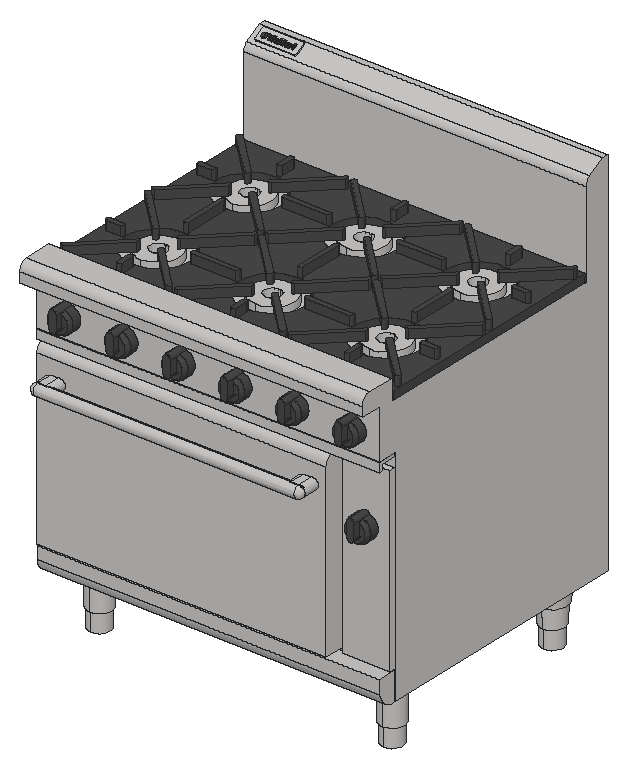
Revit family "QF_MOFFAT WALDORF_RN8610G", category Specialty Equipment, Revit 2012 (continued)
Lines and regions (mm)
  symbolic lines
    curve 153: line (149.551, -435.668, 0) -> (149.551, -350.668, 0)
    curve 154: line (449.551, -435.668, 0) -> (449.551, -350.668, 0)
    curve 155: line (749.551, -435.668, 0) -> (749.551, -350.668, 0)
    curve 159: line (150.008, -98.743, 0) -> (149.965, -143.743, 0)
    curve 160: line (450.008, -98.743, 0) -> (449.965, -143.743, 0)
    curve 161: line (750.008, -98.743, 0) -> (749.965, -143.743, 0)
    curve 162: line (150.008, -628.777, 0) -> (149.965, -673.777, 0)
    curve 163: line (450.008, -628.777, 0) -> (449.965, -673.777, 0)
    curve 164: line (750.008, -628.777, 0) -> (749.965, -673.777, 0)
    curve 165: arc (150, -152.5, 0) -> (235, -237.5, 0) -> (150, -322.5, 0) r 85
    curve 166: arc (150, -322.5, 0) -> (65, -237.5, 0) -> (150, -152.5, 0) r 85
    curve 167: arc (450, -322.5, 0) -> (365, -237.5, 0) -> (450, -152.5, 0) r 85
    curve 168: arc (450, -152.5, 0) -> (535, -237.5, 0) -> (450, -322.5, 0) r 85
    curve 169: arc (150, -452.768, 0) -> (235, -537.768, 0) -> (150, -622.768, 0) r 85
    curve 170: arc (150, -622.768, 0) -> (65, -537.768, 0) -> (150, -452.768, 0) r 85
    curve 171: arc (450, -622.768, 0) -> (365, -537.768, 0) -> (450, -452.768, 0) r 85
    curve 172: arc (450, -452.768, 0) -> (535, -537.768, 0) -> (450, -622.768, 0) r 85
    curve 173: arc (750, -152.5, 0) -> (835, -237.5, 0) -> (750, -322.5, 0) r 85
    curve 174: arc (750, -322.5, 0) -> (665, -237.5, 0) -> (750, -152.5, 0) r 85
    curve 175: arc (750, -452.768, 0) -> (835, -537.768, 0) -> (750, -622.768, 0) r 85
    curve 176: arc (750, -622.768, 0) -> (665, -537.768, 0) -> (750, -452.768, 0) r 85
    curve 177: arc (22.59, -805, 0) -> (33.758, -815.655, 0) -> (48.57, -820, 0) r 32.698
    curve 178: line (48.57, -820, 0) -> (721.475, -820, 0)
    curve 179: arc (721.475, -820, 0) -> (736.475, -815.981, 0) -> (747.456, -805, 0) r 30
    curve 180: line (300.076, -72.734, 0) -> (300.076, -705.7, 0)
    curve 181: line (600.076, -72.734, 0) -> (600.076, -705.7, 0)
    curve 182: line (0, -386.902, 0) -> (900, -386.902, 0)
    curve 183: arc (150, -215.5, 0) -> (172, -237.5, 0) -> (150, -259.5, 0) r 22
    curve 184: arc (150, -259.5, 0) -> (128, -237.5, 0) -> (150, -215.5, 0) r 22
    curve 185: arc (450, -259.5, 0) -> (428, -237.5, 0) -> (450, -215.5, 0) r 22
    curve 186: arc (450, -215.5, 0) -> (472, -237.5, 0) -> (450, -259.5, 0) r 22
    curve 187: arc (750, -259.5, 0) -> (728, -237.5, 0) -> (750, -215.5, 0) r 22
    curve 188: arc (750, -215.5, 0) -> (772, -237.5, 0) -> (750, -259.5, 0) r 22
    curve 189: arc (750, -559.5, 0) -> (728, -537.5, 0) -> (750, -515.5, 0) r 22
    curve 190: arc (750, -515.5, 0) -> (772, -537.5, 0) -> (750, -559.5, 0) r 22
    curve 191: arc (450, -515.5, 0) -> (472, -537.5, 0) -> (450, -559.5, 0) r 22
    curve 192: arc (450, -559.5, 0) -> (428, -537.5, 0) -> (450, -515.5, 0) r 22
    curve 193: arc (150, -515.5, 0) -> (172, -537.5, 0) -> (150, -559.5, 0) r 22
    curve 194: arc (150, -559.5, 0) -> (128, -537.5, 0) -> (150, -515.5, 0) r 22
  symbolic lines, style "QF_Door-Drawer Clearances", visible <- "Show Clearance"
    curve 156: line (0, -1218.847, 0) -> (0, -805, 0)
    curve 157: line (0, -1218.847, 0) -> (760, -1218.847, 0)
    curve 158: line (760, -1218.847, 0) -> (760, -805, 0)
Dimensions and locks
  equal spacing: plane 3 "LEFT", plane 7 "Center Y", plane 4 "RIGHT"
  "Width": plane 3 "LEFT" to plane 4 "RIGHT"
  equal spacing: plane 5 "FRONT", plane 8 "Center X", plane 1 "BACK"
  plane 5 "FRONT" to plane 1 "BACK" = 805 mm  (x2)
  equal spacing: plane 4 "RIGHT", plane 7 "Center Y", plane 3 "LEFT"
  plane 4 "RIGHT" to plane 3 "LEFT" = 900 mm
  "Height": plane 6 "TOP" to level
  plane 10 to plane 1 "BACK" = 574.272 mm
  plane 12 to plane 1 "BACK" = 304.972 mm  (x2)
  plane 11 to plane 3 "LEFT" = 60 mm
  plane 14 to plane 3 "LEFT" = 74 mm
  plane 9 to plane 3 "LEFT" = 280 mm
  "Depth": plane 1 "BACK" to plane 15
  plane 15 to plane 5 "FRONT" = 0 mm
  plane 6 "TOP" to plane 2 = 1130 mm
  locked: plane 2 to Extrusion 1 sketch curve at 861.8
  locked: plane 2 to Extrusion 1 sketch curve at 915
  Extrusion 9 sketch curve to plane 19 = 64.8 mm
  aligned and locked: level to plane 2
  aligned and locked: curve 3 to plane 4 "RIGHT"
Automatic sketch dimensions
  Extrusion 1 sketch curve to plane 5 "FRONT" = 0 mm
  Extrusion 1 sketch curve to plane 6 "TOP" = 0 mm
  Extrusion 1 sketch curve to plane 1 "BACK" = 0 mm
  Extrusion 1 sketch curve to plane 5 "FRONT" = 24 mm
  Extrusion 1 sketch curve to plane 5 "FRONT" = 56 mm
  Extrusion 1 sketch curve to Extrusion 1 sketch curve = 0 mm
  Extrusion 1 sketch curve to plane 5 "FRONT" = 58.27 mm
  Extrusion 1 sketch curve to Extrusion 1 sketch curve = 6.387 mm
  Extrusion 1 sketch curve to Extrusion 1 sketch curve = 8.776 mm
  Extrusion 1 sketch curve to Extrusion 1 sketch curve = 40 mm
  Extrusion 1 sketch curve to Extrusion 1 sketch curve = 43.174 mm
  Extrusion 1 sketch curve to Extrusion 1 sketch curve = 2.626 mm
  Extrusion 1 sketch curve to Extrusion 1 sketch curve = 41.683 mm
  Extrusion 1 sketch curve to Extrusion 1 sketch curve = 4.2 mm  (x2)
  Extrusion 1 sketch curve to plane 17 = 38 mm
  Extrusion 1 sketch curve to Extrusion 1 sketch curve = 11.291 mm
  Extrusion 1 sketch curve to plane 17 = 15.418 mm
  plane 17 to Extrusion 1 sketch curve = 15.5 mm
  plane 18 to Extrusion 1 sketch curve = 81.219 mm
  Extrusion 1 sketch curve to Extrusion 1 sketch curve = 2.216 mm
  Extrusion 1 sketch curve to Extrusion 1 sketch curve = 7.004 mm
  Extrusion 1 sketch curve to Extrusion 1 sketch curve = 16.999 mm
  level to Extrusion 1 sketch curve = 222.5 mm
  Extrusion 1 sketch curve to Extrusion 1 sketch curve = 28.982 mm
  Extrusion 1 sketch curve to Extrusion 1 sketch curve = 34.5 mm
  Extrusion 1 sketch curve to Extrusion 1 sketch curve = 0.071 mm
  Extrusion 1 sketch curve to plane 6 "TOP" = 43.926 mm
  Extrusion 1 to Split face 1 sketch curve = 1.962 mm
  Split face 1 sketch curve to Extrusion 1 = 14.14 mm
  Split face 1 sketch curve to Extrusion 1 = 129.583 mm
  Split face 1 sketch curve to Split face 1 sketch curve = 20 mm
  Extrusion 1 to Split face 2 sketch curve = 1.962 mm
  Split face 2 sketch curve to Extrusion 1 = 14.14 mm
  Split face 2 sketch curve to Extrusion 1 = 156.5 mm
  Split face 2 sketch curve to Split face 2 sketch curve = 20 mm
  Extrusion 1 to Split face 3 sketch curve = 1.962 mm
  Split face 3 sketch curve to Extrusion 1 = 14.14 mm
  Split face 3 sketch curve to Extrusion 1 = 183.5 mm
  Split face 3 sketch curve to Split face 3 sketch curve = 20 mm
  Extrusion 1 to Split face 4 sketch curve = 1.962 mm
  Split face 4 sketch curve to Extrusion 1 = 14.14 mm
  Split face 4 sketch curve to Extrusion 1 = 210.5 mm
  Split face 4 sketch curve to Split face 4 sketch curve = 20 mm
  Extrusion 1 to Split face 5 sketch curve = 1.962 mm
  Split face 5 sketch curve to Extrusion 1 = 14.14 mm
  Split face 5 sketch curve to Extrusion 1 = 237.5 mm
  Split face 5 sketch curve to Split face 5 sketch curve = 20 mm
  Extrusion 1 to Split face 6 sketch curve = 1.962 mm
  Split face 6 sketch curve to Extrusion 1 = 14.14 mm
  Split face 6 sketch curve to Extrusion 1 = 264.5 mm
  Split face 6 sketch curve to Split face 6 sketch curve = 20 mm
  Extrusion 1 to Split face 7 sketch curve = 1.962 mm
  Split face 7 sketch curve to Extrusion 1 = 14.14 mm
  Split face 7 sketch curve to Extrusion 1 = 291.5 mm
  Split face 7 sketch curve to Split face 7 sketch curve = 20 mm
  Extrusion 1 to Split face 8 sketch curve = 1.962 mm
  Split face 8 sketch curve to Extrusion 1 = 14.14 mm
  Split face 8 sketch curve to Extrusion 1 = 281.5 mm
  Split face 8 sketch curve to Split face 8 sketch curve = 20 mm
  Extrusion 1 to Split face 9 sketch curve = 1.962 mm
  Split face 9 sketch curve to Extrusion 1 = 14.14 mm
  Split face 9 sketch curve to Extrusion 1 = 254.5 mm
  Split face 9 sketch curve to Split face 9 sketch curve = 20 mm
  Extrusion 1 to Split face 10 sketch curve = 1.962 mm
  Split face 10 sketch curve to Extrusion 1 = 14.14 mm
  Split face 10 sketch curve to Extrusion 1 = 227.5 mm
  Split face 10 sketch curve to Split face 10 sketch curve = 20 mm
  Extrusion 1 to Split face 11 sketch curve = 1.962 mm
  Split face 11 sketch curve to Extrusion 1 = 14.14 mm
  Split face 11 sketch curve to Extrusion 1 = 200.5 mm
  Split face 11 sketch curve to Split face 11 sketch curve = 20 mm
  Extrusion 1 to Split face 12 sketch curve = 1.962 mm
  Split face 12 sketch curve to Extrusion 1 = 14.14 mm
  Split face 12 sketch curve to Extrusion 1 = 173.5 mm
  Split face 12 sketch curve to Split face 12 sketch curve = 20 mm
  Extrusion 1 to Split face 13 sketch curve = 1.962 mm
  Split face 13 sketch curve to Extrusion 1 = 14.14 mm
  Split face 13 sketch curve to Extrusion 1 = 146.5 mm
  Split face 13 sketch curve to Split face 13 sketch curve = 20 mm
  plane 18 to Extrusion 2 sketch curve = 21 mm
  Extrusion 2 sketch curve to plane 5 "FRONT" = 56 mm
  Extrusion 2 sketch curve to Extrusion 2 sketch curve = 24 mm
  Extrusion 2 sketch curve to Extrusion 2 sketch curve = 50 mm
  level to Extrusion 2 sketch curve = 227.5 mm
  Extrusion 3 sketch curve to Extrusion 3 sketch curve = 15 mm
  level to Extrusion 3 sketch curve = 227.5 mm
  Extrusion 1 to Split face 14 sketch curve = 1.962 mm
  Split face 14 sketch curve to Extrusion 1 = 14.14 mm
  Split face 14 sketch curve to Extrusion 1 = 320.812 mm
  Split face 14 sketch curve to Split face 14 sketch curve = 20 mm
  Extrusion 1 to Split face 15 sketch curve = 1.962 mm
  Split face 15 sketch curve to Extrusion 1 = 14.14 mm
  Split face 15 sketch curve to Extrusion 1 = 350.039 mm
  Split face 15 sketch curve to Split face 15 sketch curve = 20 mm
  Extrusion 1 to Split face 16 sketch curve = 1.962 mm
  Split face 16 sketch curve to Extrusion 1 = 14.14 mm
  Split face 16 sketch curve to Extrusion 1 = 377.038 mm
  Split face 16 sketch curve to Split face 16 sketch curve = 20 mm
  Extrusion 1 to Split face 17 sketch curve = 1.962 mm
  Split face 17 sketch curve to Extrusion 1 = 14.14 mm
  Split face 17 sketch curve to Extrusion 1 = 402.514 mm
  Split face 17 sketch curve to Split face 17 sketch curve = 20 mm
  Extrusion 1 to Split face 18 sketch curve = 1.962 mm
  Split face 18 sketch curve to Extrusion 1 = 14.14 mm
  Split face 18 sketch curve to Extrusion 1 = 428.962 mm
  Split face 18 sketch curve to Split face 18 sketch curve = 20 mm
  Extrusion 1 to Split face 19 sketch curve = 1.962 mm
  Split face 19 sketch curve to Extrusion 1 = 14.14 mm
  Split face 19 sketch curve to Extrusion 1 = 444.954 mm
  Split face 19 sketch curve to Split face 19 sketch curve = 20 mm
  Extrusion 1 to Split face 20 sketch curve = 1.962 mm
  Split face 20 sketch curve to Extrusion 1 = 14.14 mm
  Split face 20 sketch curve to Extrusion 1 = 419.057 mm
  Split face 20 sketch curve to Split face 20 sketch curve = 20 mm
  Extrusion 1 to Split face 21 sketch curve = 1.962 mm
  Split face 21 sketch curve to Extrusion 1 = 14.14 mm
  Split face 21 sketch curve to Extrusion 1 = 392.609 mm
  Split face 21 sketch curve to Split face 21 sketch curve = 20 mm
  Extrusion 1 to Split face 22 sketch curve = 1.962 mm
  Split face 22 sketch curve to Extrusion 1 = 14.14 mm
  Split face 22 sketch curve to Extrusion 1 = 362.304 mm
  Split face 22 sketch curve to Split face 22 sketch curve = 20 mm
  Extrusion 1 to Split face 23 sketch curve = 1.962 mm
  Split face 23 sketch curve to Extrusion 1 = 14.14 mm
  Split face 23 sketch curve to Extrusion 1 = 334.203 mm
  Split face 23 sketch curve to Split face 23 sketch curve = 20 mm
  Extrusion 1 to Split face 24 sketch curve = 1.962 mm
  Split face 24 sketch curve to Extrusion 1 = 14.14 mm
  Split face 24 sketch curve to Extrusion 1 = 308.857 mm
  Split face 24 sketch curve to Split face 24 sketch curve = 20 mm
  Revolve 4 sketch curve to level = 0 mm
  Revolve 4 sketch curve to plane 17 = 110.753 mm
  Revolve 4 sketch curve to Revolve 4 sketch curve = 4.159 mm
  Revolve 4 sketch curve to Revolve 4 sketch curve = 5.012 mm
  Revolve 4 sketch curve to Revolve 4 sketch curve = 1.832 mm
  Revolve 4 sketch curve to Revolve 4 sketch curve = 4.25 mm
  Revolve 4 sketch curve to Revolve 4 sketch curve = 42.753 mm
  Revolve 4 sketch curve to Revolve 4 sketch curve = 0 mm  (x2)
  level to Revolve 4 sketch curve = 50 mm
  Revolve 4 sketch curve to Revolve 4 sketch curve = 52.468 mm
  Revolve 4 sketch curve to Revolve 4 sketch curve = 47.532 mm
  Revolve 4 sketch curve to Revolve 4 sketch curve = 55 mm
  Revolve 5 sketch curve to level = 0 mm
  Revolve 5 sketch curve to plane 10 = 82.478 mm
  Revolve 5 sketch curve to Revolve 5 sketch curve = 4.25 mm
  Revolve 5 sketch curve to Revolve 5 sketch curve = 27.5 mm  (x2)
  level to Revolve 5 sketch curve = 50 mm
  Revolve 5 sketch curve to Revolve 5 sketch curve = 0 mm
  Revolve 5 sketch curve to Revolve 5 sketch curve = 100 mm
  Revolve 5 sketch curve to Revolve 5 sketch curve = 55 mm
  Revolve 6 sketch curve to level = 0 mm
  Revolve 6 sketch curve to plane 17 = 110.753 mm
  Revolve 6 sketch curve to Revolve 6 sketch curve = 0 mm  (x3)
  Revolve 6 sketch curve to Revolve 6 sketch curve = 4.159 mm
  Revolve 6 sketch curve to Revolve 6 sketch curve = 5.012 mm
  Revolve 6 sketch curve to Revolve 6 sketch curve = 1.832 mm
  Revolve 6 sketch curve to Revolve 6 sketch curve = 4.25 mm
  Revolve 6 sketch curve to Revolve 6 sketch curve = 42.753 mm
  Revolve 6 sketch curve to level = 55 mm
  Revolve 6 sketch curve to Revolve 6 sketch curve = 50 mm
  Revolve 6 sketch curve to Revolve 6 sketch curve = 52.468 mm
  Revolve 6 sketch curve to Revolve 6 sketch curve = 47.532 mm
  Revolve 7 sketch curve to level = 0 mm
  Revolve 7 sketch curve to plane 10 = 82.478 mm
  Revolve 7 sketch curve to Revolve 7 sketch curve = 4.25 mm
  Revolve 7 sketch curve to Revolve 7 sketch curve = 27.5 mm  (x2)
  Revolve 7 sketch curve to level = 55 mm
  Revolve 7 sketch curve to Revolve 7 sketch curve = 50 mm
  Revolve 7 sketch curve to Revolve 7 sketch curve = 0 mm
  Revolve 7 sketch curve to Revolve 7 sketch curve = 100 mm
  plane 17 to Extrusion 8 sketch curve = 0 mm
  Extrusion 8 sketch curve to plane 16 = 64.5 mm
  Extrusion 9 sketch curve to plane 4 "RIGHT" = 0 mm
  Extrusion 9 sketch curve to plane 7 "Center Y" = 0 mm  (x2)
  plane 3 "LEFT" to Extrusion 9 sketch curve = 4 mm
  Extrusion 9 sketch curve to plane 17 = 39 mm
  Extrusion 9 sketch curve to Extrusion 9 sketch curve = 3 mm  (x2)
  plane 12 to Extrusion 9 sketch curve = 67.472 mm  (x3)
  Extrusion 9 sketch curve to plane 5 "FRONT" = 104 mm  (x2)
  plane 14 to Extrusion 9 sketch curve = 76 mm  (x2)
  Revolve 11 sketch curve to plane 5 "FRONT" = 12 mm
  Revolve 11 sketch curve to Revolve 11 sketch curve = 0 mm  (x2)
  Revolve 11 sketch curve to Revolve 11 sketch curve = 11 mm
  Revolve 11 sketch curve to Revolve 11 sketch curve = 12.7 mm
  Revolve 11 sketch curve to Revolve 11 sketch curve = 23 mm
  Revolve 11 sketch curve to Revolve 11 sketch curve = 10 mm
  plane 18 to Revolve 11 sketch curve = 141.882 mm
  Revolve 11 sketch curve to Revolve 11 sketch curve = 5 mm
  Revolve 11 sketch curve to Revolve 11 sketch curve = 26.651 mm
  Revolve 11 sketch curve to Revolve 11 sketch curve = 5.849 mm
  Revolve 12 sketch curve to plane 5 "FRONT" = 12 mm
  Revolve 12 sketch curve to Revolve 12 sketch curve = 0 mm  (x2)
  Revolve 12 sketch curve to Revolve 12 sketch curve = 11 mm
  Revolve 12 sketch curve to Revolve 12 sketch curve = 12.7 mm
  Revolve 12 sketch curve to Revolve 12 sketch curve = 23 mm
  Revolve 12 sketch curve to Revolve 12 sketch curve = 10 mm
  plane 18 to Revolve 12 sketch curve = 141.882 mm
  Revolve 12 sketch curve to Revolve 12 sketch curve = 5 mm
  Revolve 12 sketch curve to Revolve 12 sketch curve = 26.651 mm
  Revolve 12 sketch curve to Revolve 12 sketch curve = 5.849 mm
  Revolve 13 sketch curve to plane 5 "FRONT" = 12 mm
  Revolve 13 sketch curve to Revolve 13 sketch curve = 0 mm  (x2)
  Revolve 13 sketch curve to Revolve 13 sketch curve = 11 mm
  Revolve 13 sketch curve to Revolve 13 sketch curve = 12.7 mm
  Revolve 13 sketch curve to Revolve 13 sketch curve = 23 mm
  Revolve 13 sketch curve to Revolve 13 sketch curve = 10 mm
  plane 18 to Revolve 13 sketch curve = 174.382 mm
  Revolve 13 sketch curve to Revolve 13 sketch curve = 5.849 mm
  Revolve 13 sketch curve to Revolve 13 sketch curve = 27.5 mm
  Revolve 13 sketch curve to Revolve 13 sketch curve = 5 mm
  Revolve 14 sketch curve to plane 5 "FRONT" = 12 mm
  Revolve 14 sketch curve to Revolve 14 sketch curve = 0 mm  (x2)
  Revolve 14 sketch curve to Revolve 14 sketch curve = 11 mm
  Revolve 14 sketch curve to Revolve 14 sketch curve = 12.7 mm
  Revolve 14 sketch curve to Revolve 14 sketch curve = 23 mm
  Revolve 14 sketch curve to Revolve 14 sketch curve = 10 mm
  plane 18 to Revolve 14 sketch curve = 174.382 mm
  Revolve 14 sketch curve to Revolve 14 sketch curve = 5.849 mm
  Revolve 14 sketch curve to Revolve 14 sketch curve = 27.5 mm
  Revolve 14 sketch curve to Revolve 14 sketch curve = 5 mm
  Revolve 15 sketch curve to plane 5 "FRONT" = 12 mm
  Revolve 15 sketch curve to Revolve 15 sketch curve = 0 mm  (x2)
  Revolve 15 sketch curve to Revolve 15 sketch curve = 11 mm
  Revolve 15 sketch curve to Revolve 15 sketch curve = 12.7 mm
  Revolve 15 sketch curve to Revolve 15 sketch curve = 23 mm
  Revolve 15 sketch curve to Revolve 15 sketch curve = 10 mm
  plane 18 to Revolve 15 sketch curve = 174.382 mm
  Revolve 15 sketch curve to Revolve 15 sketch curve = 5.849 mm
  Revolve 15 sketch curve to Revolve 15 sketch curve = 27.5 mm
  Revolve 15 sketch curve to Revolve 15 sketch curve = 5 mm
  Revolve 16 sketch curve to plane 5 "FRONT" = 12 mm
  Revolve 16 sketch curve to Revolve 16 sketch curve = 0 mm  (x2)
  Revolve 16 sketch curve to Revolve 16 sketch curve = 11 mm
  Revolve 16 sketch curve to Revolve 16 sketch curve = 12.7 mm
  Revolve 16 sketch curve to Revolve 16 sketch curve = 23 mm
  Revolve 16 sketch curve to Revolve 16 sketch curve = 10 mm
  plane 18 to Revolve 16 sketch curve = 174.382 mm
  Revolve 16 sketch curve to Revolve 16 sketch curve = 5.849 mm
  Revolve 16 sketch curve to Revolve 16 sketch curve = 27.5 mm
  Revolve 16 sketch curve to Revolve 16 sketch curve = 5 mm
  plane 14 to Extrusion 17 sketch curve = 24.906 mm
  plane 14 to Extrusion 17 sketch curve = 14.906 mm
  plane 18 to Extrusion 17 sketch curve = 168.882 mm
  Extrusion 17 sketch curve to Extrusion 17 sketch curve = 35 mm
  Extrusion 18 sketch curve to plane 9 = 31.094 mm
  Extrusion 18 sketch curve to Extrusion 18 sketch curve = 10 mm
  plane 18 to Extrusion 18 sketch curve = 168.882 mm
  Extrusion 18 sketch curve to Extrusion 18 sketch curve = 35 mm
  Extrusion 19 sketch curve to plane 16 = 5.281 mm
  plane 16 to Extrusion 19 sketch curve = 4.719 mm
  plane 18 to Extrusion 19 sketch curve = 133.882 mm
  Extrusion 19 sketch curve to Extrusion 19 sketch curve = 35 mm
  Extrusion 20 sketch curve to plane 16 = 155.281 mm
  Extrusion 20 sketch curve to Extrusion 20 sketch curve = 10 mm
  plane 18 to Extrusion 20 sketch curve = 133.882 mm
  Extrusion 20 sketch curve to Extrusion 20 sketch curve = 35 mm
  Extrusion 21 sketch curve to plane 7 "Center Y" = 51.118 mm
  Extrusion 21 sketch curve to Extrusion 21 sketch curve = 10 mm
  plane 18 to Extrusion 21 sketch curve = 168.882 mm
  Extrusion 21 sketch curve to Extrusion 21 sketch curve = 35 mm
  plane 7 "Center Y" to Extrusion 22 sketch curve = 98.882 mm
  Extrusion 22 sketch curve to Extrusion 22 sketch curve = 10 mm
  plane 18 to Extrusion 22 sketch curve = 168.882 mm
  Extrusion 22 sketch curve to Extrusion 22 sketch curve = 35 mm
  Revolve 23 sketch curve to plane 5 "FRONT" = 53.579 mm
  Revolve 23 sketch curve to Revolve 23 sketch curve = 0 mm  (x2)
  Revolve 23 sketch curve to Revolve 23 sketch curve = 11 mm
  Revolve 23 sketch curve to Revolve 23 sketch curve = 12.7 mm
  Revolve 23 sketch curve to Revolve 23 sketch curve = 23 mm
  Revolve 23 sketch curve to Revolve 23 sketch curve = 10 mm
  Revolve 23 sketch curve to plane 18 = 104.368 mm
  Revolve 23 sketch curve to Revolve 23 sketch curve = 5 mm
  Revolve 23 sketch curve to Revolve 23 sketch curve = 26.651 mm
  Revolve 23 sketch curve to Revolve 23 sketch curve = 5.849 mm
  Extrusion 24 sketch curve to plane 16 = 7.156 mm
  plane 16 to Extrusion 24 sketch curve = 2.844 mm
  Extrusion 24 sketch curve to plane 18 = 112.368 mm
  Extrusion 24 sketch curve to Extrusion 24 sketch curve = 35 mm
  Extrusion 25 sketch curve to plane 5 "FRONT" = 56 mm
  level to Extrusion 25 sketch curve = 227.5 mm
  plane 5 "FRONT" to Extrusion 25 sketch curve = 413.847 mm
  Extrusion 10 sketch curve to Extrusion 9 = 22.602 mm  (x6)
  Extrusion 10 sketch curve to Extrusion 10 sketch curve = 4.525 mm  (x48)
  Extrusion 10 sketch curve to Extrusion 9 = 31.539 mm  (x3)
  Extrusion 10 sketch curve to Extrusion 10 sketch curve = 36.204 mm  (x6)
  Extrusion 10 sketch curve to Extrusion 10 sketch curve = 62.782 mm  (x3)
  Extrusion 10 sketch curve to Extrusion 10 sketch curve = 0 mm  (x19)
  Extrusion 10 sketch curve to Extrusion 10 sketch curve = 20.524 mm  (x11)
  Extrusion 10 sketch curve to Extrusion 9 = 18.118 mm  (x2)
  Extrusion 10 sketch curve to Extrusion 10 sketch curve = 6.4 mm  (x17)
  Extrusion 10 sketch curve to Extrusion 10 sketch curve = 53.847 mm  (x24)
  Extrusion 10 sketch curve to Extrusion 10 sketch curve = 55.923 mm  (x14)
  Extrusion 10 sketch curve to Extrusion 10 sketch curve = 128.447 mm  (x6)
  Extrusion 10 sketch curve to Extrusion 9 = 6.102 mm  (x2)
  Extrusion 10 sketch curve to Extrusion 9 = 5.102 mm  (x3)
  Extrusion 10 sketch curve to Extrusion 9 = 14.153 mm
  Extrusion 10 sketch curve to Extrusion 10 sketch curve = 12.205 mm  (x14)
  Extrusion 10 sketch curve to Extrusion 10 sketch curve = 116.204 mm  (x7)
  Extrusion 10 sketch curve to Extrusion 9 = 19.118 mm  (x2)
  Extrusion 10 sketch curve to Extrusion 9 = 73.961 mm  (x3)
  Extrusion 10 sketch curve to Extrusion 9 = 31.653 mm  (x4)
  Extrusion 10 sketch curve to Extrusion 9 = 37.757 mm  (x3)
  Extrusion 10 sketch curve to Extrusion 10 sketch curve = 58.703 mm  (x2)
  Extrusion 10 sketch curve to Extrusion 10 sketch curve = 20.489 mm  (x6)
  Extrusion 10 sketch curve to Extrusion 10 sketch curve = 128.481 mm  (x4)
  Extrusion 10 sketch curve to Extrusion 9 = 55.322 mm
  Extrusion 10 sketch curve to Extrusion 9 = 15.153 mm
  curve 137 to curve 165 = 0 mm  (x2)
  curve 139 to curve 167 = 0 mm
  curve 139 to curve 168 = 0 mm
  curve 141 to curve 173 = 0 mm  (x2)
  plane 1 "BACK" to curve 1 = 0 mm
  curve 1 to plane 3 "LEFT" = 0 mm
  plane 5 "FRONT" to curve 177 = 0 mm
  curve 171 to plane 7 "Center Y" = 0 mm
  curve 146 to plane 7 "Center Y" = 0 mm
  curve 167 to plane 7 "Center Y" = 0 mm
  plane 3 "LEFT" to curve 126 = 6.08 mm
  plane 3 "LEFT" to curve 110 = 6.08 mm
  plane 3 "LEFT" to curve 132 = 6.08 mm
  plane 3 "LEFT" to curve 116 = 6.08 mm
  plane 3 "LEFT" to curve 5 = 12.5 mm
  plane 3 "LEFT" to curve 149 = 17.22 mm
  plane 3 "LEFT" to curve 150 = 17.22 mm
  plane 3 "LEFT" to curve 177 = 22.59 mm
  curve 177 to plane 11 = 11.43 mm
  curve 177 to plane 11 = 9.893 mm
  plane 11 to curve 149 = 2.22 mm
  plane 11 to curve 150 = 2.22 mm
  curve 7 to plane 17 = 19.234 mm
  plane 14 to curve 7 = 47.5 mm
  plane 14 to curve 110 = 47.515 mm
  plane 10 to curve 132 = 8.826 mm
  plane 14 to curve 132 = 47.515 mm
  plane 14 to curve 116 = 47.515 mm
  plane 14 to curve 126 = 47.515 mm
  curve 6 to curve 9 = 8.083 mm
  curve 153 to plane 8 "Center X" = 33.168 mm
  plane 14 to curve 153 = 75.551 mm
  plane 17 to curve 11 = 9.738 mm
  curve 9 to curve 11 = 20 mm
  curve 110 to curve 159 = 28.45 mm
  plane 14 to curve 162 = 75.965 mm
  curve 153 to curve 169 = 0.449 mm
  curve 110 to curve 138 = 28.485 mm
  curve 148 to curve 169 = 0 mm
  curve 159 to curve 159 = 0.042 mm
  curve 169 to curve 162 = 0.008 mm
  curve 11 to curve 16 = 6.917 mm
  plane 17 to curve 16 = 9.738 mm
  curve 13 to curve 16 = 20 mm
  plane 10 to curve 133 = 8.826 mm
  curve 169 to curve 133 = 28.485 mm
  plane 12 to curve 117 = 39.794 mm
  curve 137 to curve 117 = 28.485 mm
  curve 147 to curve 127 = 28.485 mm
  curve 137 to curve 111 = 28.485 mm
  curve 15 to curve 20 = 7 mm
  plane 17 to curve 19 = 9.738 mm
  curve 17 to curve 19 = 20 mm
  curve 18 to curve 22 = 7 mm
  curve 21 to curve 22 = 20 mm
  curve 22 to curve 27 = 7 mm
  curve 121 to plane 9 = 42.22 mm
  curve 123 to plane 9 = 42.22 mm
  curve 26 to curve 28 = 20 mm
  curve 28 to curve 30 = 6.917 mm
  plane 9 to curve 32 = 4.417 mm
  curve 32 to curve 37 = 7 mm
  plane 9 to curve 133 = 13.92 mm
  plane 9 to curve 111 = 13.92 mm
  plane 9 to curve 127 = 13.92 mm
  plane 9 to curve 117 = 13.92 mm
  plane 9 to curve 180 = 20.076 mm
  curve 133 to curve 136 = 12.16 mm
  curve 111 to curve 114 = 12.16 mm
  curve 117 to curve 120 = 12.16 mm
  plane 8 "Center X" to curve 130 = 7.845 mm
  curve 127 to curve 130 = 12.16 mm
  curve 34 to curve 35 = 20 mm
  curve 36 to curve 41 = 7 mm
  plane 17 to curve 40 = 9.738 mm
  curve 38 to curve 40 = 20 mm
  curve 39 to curve 43 = 11.622 mm
  plane 9 to curve 121 = 82.78 mm
  plane 10 to curve 123 = 36.462 mm
  plane 9 to curve 123 = 82.78 mm
  curve 42 to curve 44 = 20 mm
  curve 43 to curve 46 = 6.917 mm
  curve 46 to curve 47 = 20 mm
  curve 47 to curve 50 = 7 mm
  plane 10 to curve 136 = 9.362 mm
  curve 136 to plane 7 "Center Y" = 28.485 mm
  curve 120 to plane 7 "Center Y" = 28.485 mm
  curve 114 to plane 7 "Center Y" = 28.485 mm
  curve 130 to plane 7 "Center Y" = 28.485 mm
  curve 50 to curve 52 = 20 mm
  curve 51 to curve 55 = 7 mm
  curve 154 to plane 7 "Center Y" = 0.449 mm
  curve 163 to plane 7 "Center Y" = 0.035 mm
  curve 160 to plane 7 "Center Y" = 0.035 mm
  plane 7 "Center Y" to curve 163 = 0.008 mm
  plane 7 "Center Y" to curve 160 = 0.008 mm
  plane 7 "Center Y" to curve 56 = 0.956 mm
  curve 55 to curve 59 = 7 mm
  plane 17 to curve 60 = 9.738 mm
  curve 58 to curve 60 = 20 mm
  plane 7 "Center Y" to curve 119 = 28.485 mm
  plane 10 to curve 135 = 9.362 mm
  plane 7 "Center Y" to curve 135 = 28.485 mm
  plane 7 "Center Y" to curve 129 = 28.485 mm
  plane 7 "Center Y" to curve 113 = 28.485 mm
  curve 60 to curve 65 = 6.917 mm
  plane 17 to curve 65 = 9.738 mm
  curve 62 to curve 65 = 20 mm
  curve 64 to curve 69 = 7 mm
  plane 17 to curve 69 = 9.738 mm
  curve 66 to curve 69 = 20 mm
  curve 135 to curve 124 = 58.735 mm
  curve 119 to curve 122 = 58.735 mm
  curve 68 to curve 73 = 7 mm
  curve 70 to curve 71 = 20 mm
  curve 72 to curve 77 = 6.924 mm
  curve 74 to curve 75 = 20 mm
  curve 75 to curve 78 = 6.917 mm
  plane 8 "Center X" to curve 129 = 7.845 mm
  plane 7 "Center Y" to curve 129 = 143.92 mm
  curve 113 to plane 17 = 62.387 mm
  curve 78 to curve 113 = 1.206 mm
  plane 7 "Center Y" to curve 135 = 143.92 mm
  curve 119 to plane 13 = 15.641 mm
  curve 119 to curve 129 = 0 mm
  curve 135 to curve 181 = 6.156 mm
  curve 112 to plane 17 = 62.387 mm
  curve 113 to curve 112 = 12.16 mm
  plane 8 "Center X" to curve 128 = 7.845 mm
  curve 129 to curve 128 = 12.16 mm
  curve 135 to curve 134 = 12.16 mm
  curve 118 to plane 13 = 15.641 mm
  curve 119 to curve 118 = 12.16 mm
  curve 78 to curve 80 = 20 mm
  curve 80 to curve 82 = 7 mm
  plane 17 to curve 85 = 9.738 mm
  curve 82 to curve 85 = 20 mm
  curve 83 to curve 87 = 7 mm
  plane 10 to curve 124 = 36.462 mm
  curve 124 to curve 124 = 125 mm
  curve 122 to curve 122 = 125 mm
  curve 86 to curve 88 = 20 mm
  curve 88 to curve 93 = 7 mm
  curve 90 to curve 92 = 20 mm
  curve 92 to curve 94 = 6.917 mm
  curve 94 to curve 95 = 20 mm
  curve 179 to plane 5 "FRONT" = 15 mm
  curve 179 to plane 16 = 113.025 mm
  curve 124 to curve 128 = 59.295 mm
  curve 122 to curve 112 = 59.295 mm
  plane 12 to curve 118 = 39.794 mm
  curve 118 to curve 112 = 0 mm
  plane 10 to curve 134 = 8.826 mm
  curve 134 to curve 128 = 0 mm
  curve 95 to curve 98 = 7 mm
  curve 179 to curve 179 = 25.981 mm
  curve 98 to curve 99 = 20 mm
  curve 155 to plane 8 "Center X" = 33.168 mm
  curve 128 to curve 155 = 28.036 mm
  curve 112 to curve 161 = 28.45 mm
  curve 164 to plane 16 = 84.535 mm
  curve 161 to curve 173 = 0.035 mm
  curve 128 to curve 176 = 28.485 mm
  curve 144 to curve 175 = 0 mm
  curve 175 to curve 164 = 0.008 mm
  curve 161 to curve 161 = 0.042 mm
  curve 100 to curve 102 = 7 mm
  curve 157 to plane 16 = 74.5 mm
  curve 102 to curve 104 = 20 mm
  plane 10 to curve 131 = 8.826 mm
  curve 175 to curve 131 = 28.485 mm
  curve 141 to curve 109 = 28.485 mm
  curve 143 to curve 125 = 28.485 mm
  curve 141 to curve 115 = 28.485 mm
  plane 16 to curve 152 = 3.28 mm
  plane 16 to curve 151 = 3.28 mm
  plane 4 "RIGHT" to curve 152 = 17.22 mm
  plane 4 "RIGHT" to curve 151 = 17.22 mm
  plane 4 "RIGHT" to curve 131 = 6.08 mm
  plane 4 "RIGHT" to curve 125 = 6.08 mm
  plane 4 "RIGHT" to curve 109 = 6.08 mm
  plane 4 "RIGHT" to curve 115 = 6.08 mm
  curve 157 to curve 178 = 398.847 mm
  curve 177 to curve 106 = 78.338 mm
  curve 180 to plane 5 "FRONT" = 99.3 mm
  curve 181 to curve 134 = 24.819 mm
  curve 107 to curve 132 = 24.819 mm
  curve 107 to curve 131 = 24.819 mm
  curve 180 to curve 133 = 24.819 mm
  curve 134 to curve 135 = 0.536 mm
  curve 133 to curve 136 = 0.536 mm
  curve 164 to plane 10 = 99.505 mm
  curve 163 to plane 10 = 99.505 mm
  curve 162 to plane 10 = 99.505 mm
  curve 164 to curve 164 = 45 mm
  curve 163 to curve 163 = 45 mm
  curve 162 to curve 162 = 45 mm
  curve 164 to curve 175 = 6.009 mm
  curve 162 to curve 170 = 6.009 mm
  curve 163 to curve 171 = 6.009 mm
  curve 147 to plane 10 = 20.228 mm
  curve 144 to plane 10 = 20.228 mm
  curve 145 to plane 10 = 20.228 mm
  plane 10 to curve 150 = 36.462 mm
  plane 10 to curve 152 = 36.462 mm
  plane 10 to curve 172 = 36.504 mm
  plane 10 to curve 176 = 36.504 mm
  plane 10 to curve 170 = 36.504 mm
  curve 169 to curve 147 = 0.268 mm
  curve 175 to curve 144 = 0.268 mm
  curve 171 to curve 146 = 0.268 mm
  curve 143 to curve 125 = 27.411 mm
  curve 145 to curve 129 = 27.411 mm
  curve 143 to curve 128 = 27.411 mm
  curve 147 to curve 127 = 27.411 mm
  curve 147 to curve 126 = 27.411 mm
  curve 145 to curve 130 = 27.411 mm
  curve 171 to curve 154 = 17.1 mm
  plane 8 "Center X" to curve 125 = 7.845 mm
  plane 8 "Center X" to curve 126 = 7.845 mm
  plane 8 "Center X" to curve 127 = 7.845 mm
  curve 126 to curve 182 = 7.753 mm
  curve 127 to curve 117 = 14.041 mm
  curve 182 to curve 116 = 6.288 mm
  curve 182 to curve 115 = 6.288 mm
  curve 117 to curve 120 = 0 mm
  plane 13 to curve 153 = 14.305 mm
  plane 13 to curve 154 = 14.305 mm
  plane 13 to curve 155 = 14.305 mm
  curve 166 to plane 12 = 17.528 mm
  curve 174 to plane 12 = 17.528 mm
  curve 168 to plane 12 = 17.528 mm
  plane 12 to curve 141 = 10.472 mm
  plane 12 to curve 138 = 10.472 mm
  plane 12 to curve 140 = 10.472 mm
  plane 12 to curve 115 = 39.794 mm
  plane 12 to curve 116 = 39.794 mm
  plane 12 to curve 119 = 39.794 mm
  plane 12 to curve 120 = 39.794 mm
  plane 12 to curve 151 = 67.162 mm
  curve 120 to curve 121 = 27.368 mm
  curve 119 to curve 122 = 27.368 mm
  plane 12 to curve 149 = 67.162 mm
  curve 118 to curve 173 = 27.678 mm
  curve 116 to curve 165 = 27.678 mm
  curve 120 to curve 140 = 27.678 mm
  curve 139 to curve 114 = 27.678 mm
  curve 141 to curve 112 = 27.678 mm
  curve 137 to curve 111 = 27.678 mm
  curve 137 to curve 110 = 27.678 mm
  curve 141 to curve 109 = 27.678 mm
  curve 139 to curve 113 = 27.678 mm
  curve 167 to curve 160 = 8.757 mm
  curve 166 to curve 159 = 8.757 mm
  curve 174 to curve 161 = 8.757 mm
  curve 159 to curve 159 = 45 mm
  curve 160 to curve 160 = 45 mm
  curve 161 to curve 161 = 45 mm
  curve 109 to plane 17 = 62.387 mm
  curve 114 to plane 17 = 62.387 mm
  curve 111 to curve 114 = 0 mm
  curve 110 to curve 5 = 43.152 mm
  curve 114 to curve 180 = 21.653 mm
  curve 108 to curve 4 = 2.734 mm
  curve 96 to plane 17 = 18.526 mm
  curve 34 to plane 17 = 18.526 mm
  curve 32 to curve 34 = 0 mm
  curve 70 to plane 17 = 18.526 mm
  curve 95 to curve 98 = 0 mm
  curve 46 to plane 17 = 18.526 mm
  curve 28 to curve 30 = 0 mm
  curve 99 to curve 102 = 0 mm
  curve 35 to curve 39 = 0 mm
  curve 92 to curve 94 = 0 mm
  curve 88 to curve 90 = 0 mm
  curve 76 to plane 17 = 18.526 mm
  curve 39 to curve 42 = 0 mm
  curve 68 to curve 70 = 0 mm
  curve 82 to plane 17 = 18.526 mm
  curve 64 to curve 66 = 0 mm
  curve 80 to curve 82 = 0 mm
  curve 60 to curve 62 = 0 mm
  curve 23 to curve 26 = 0 mm
  curve 19 to curve 21 = 0 mm
  curve 15 to curve 17 = 0 mm
  curve 11 to curve 13 = 0 mm
  curve 47 to curve 50 = 0 mm
  curve 56 to curve 58 = 0 mm
  plane 17 to curve 105 = 9.738 mm
  plane 17 to curve 101 = 9.738 mm
  plane 17 to curve 97 = 9.738 mm
  plane 17 to curve 93 = 9.738 mm
  curve 84 to curve 89 = 0 mm
  plane 17 to curve 81 = 9.738 mm
  plane 17 to curve 77 = 9.738 mm
  curve 68 to curve 73 = 0 mm
  plane 17 to curve 57 = 9.738 mm
  plane 17 to curve 53 = 9.738 mm
  plane 17 to curve 49 = 9.738 mm
  plane 17 to curve 45 = 9.738 mm
  plane 17 to curve 37 = 9.738 mm
  plane 17 to curve 33 = 9.738 mm
  plane 17 to curve 29 = 9.738 mm
  curve 19 to curve 24 = 0 mm
  curve 9 to curve 6 = 1.304 mm
  plane 1 "BACK" to Extrusion 26 sketch curve = 0 mm
  Extrusion 26 sketch curve to plane 17 = 7 mm
  Extrusion 26 sketch curve to plane 16 = 140.5 mm
  Extrusion 26 sketch curve to Extrusion 26 sketch curve = 50 mm
  Extrusion 26 sketch curve to plane 16 = 10.5 mm
  Extrusion 26 sketch curve to plane 17 = 55 mm
  Extrusion 3 sketch curve to plane 5 "FRONT" = 91 mm
  plane 18 to Extrusion 3 sketch curve = 45 mm
  plane 10 to Extrusion 9 sketch curve = 36.504 mm  (x3)
  Extrusion 9 sketch curve to plane 16 = 84.5 mm  (x2)
  Extrusion 27 sketch curve to Extrusion 27 sketch curve = 0 mm  (x13)
  Extrusion 1 to Extrusion 27 sketch curve = 167.5 mm  (x3)
  Extrusion 27 sketch curve to Extrusion 1 = 171.5 mm  (x3)
  Extrusion 1 to Extrusion 27 sketch curve = 150 mm  (x4)
  Extrusion 27 sketch curve to Extrusion 27 sketch curve = 300 mm
  curve 137 to curve 183 = 0 mm  (x2)
  curve 183 to curve 137 = 22 mm
  curve 139 to curve 185 = 0 mm  (x2)
  curve 186 to curve 185 = 22 mm
  curve 141 to curve 187 = 0 mm  (x2)
  curve 188 to curve 141 = 22 mm
  curve 143 to curve 189 = 0 mm  (x2)
  plane 10 to curve 190 = 14.772 mm
  curve 145 to curve 191 = 0 mm  (x2)
  plane 10 to curve 191 = 14.772 mm
  curve 147 to curve 193 = 0 mm  (x2)
  plane 10 to curve 194 = 14.772 mm
  Extrusion 28 sketch curve to plane 11 = 1.472 mm
  Extrusion 28 sketch curve to plane 18 = 46.875 mm  (x2)
  Extrusion 28 sketch curve to Extrusion 28 sketch curve = 15 mm  (x2)
  Extrusion 28 sketch curve to plane 16 = 131.743 mm
  Extrusion 28 sketch curve to Extrusion 28 sketch curve = 20.282 mm  (x2)
  Revolve 29 sketch curve to plane 3 "LEFT" = 6.961 mm
  plane 3 "LEFT" to Revolve 29 sketch curve = 23.246 mm
  Revolve 29 sketch curve to plane 18 = 16.875 mm
  Revolve 29 sketch curve to Revolve 29 sketch curve = 15 mm
  Revolve 29 sketch curve to plane 18 = 31.875 mm
  plane 7 "Center Y" to Revolve 29 sketch curve = 138.039 mm
  Revolve 29 sketch curve to plane 16 = 111.461 mm
  radius of Extrusion 8 sketch curve = 10 mm
  radius of Extrusion 9 sketch curve = 85 mm  (x6)
  radius of Extrusion 27 sketch curve = 57 mm  (x6)
  radius of Extrusion 27 sketch curve = 22 mm  (x6)
Nested families
  nested 1: "WALDORF LOGO_FACE BASE" at (12.5, -21.284, 1127.238) x (1, 0, 0) z (0, -0.5, 0.866), visible <- "Show Logo", type "WALDORF LOGO_FACE BASE", detail levels medium+fine
    with Show Logo yes
Connectors
  piping at (770, -32, 655)
    settings: on Extrusion 8, index 4, connector radius 0.37402", flow factor 0, pipe flow 0 GPM, pressure drop 0.00 psi, fitting loss kfactor 0, connector angle 0.00°, fixture units 0, engagement length 0 mm, flow configuration 1, flow direction 1, fitting loss method 0, system type 7, joint type 0, gender type 0, connector reference index -1, connector utility 0, adjustable connector no, is connector primary yes, fitting loss table "", connector description "GAS CONNECTION"
Definition of nested family "WALDORF LOGO_FACE BASE"
  Parameters (values of type "WALDORF LOGO_FACE BASE")
    Show Logo [instance] = yes
    Default Elevation = 1219.2 mm
  Reference planes
    plane 1 "Center (Front/Back)": y = 0
    plane 2: z = 0
    plane 3 "Center (Left/Right)": x = 0
  Forms (mm)
    Extrusion 1, solid
      sketch origin (0, 0, 0) x (1, 0, 0) y (0, 1, 0)
        loop
          line (-1219.2, 1219.2) -> (-1219.2, -1219.2) -> (1219.2, -1219.2) -> (1219.2, 1219.2) -> (-1219.2, 1219.2)
      from 0 to -304.8
    Extrusion 2, solid, material "QF_Finishes_Stainless Steel", visible <- "Show Logo"
      sketch origin (0, -33.217, 0) x (1, 0, 0) y (0, 1, 0)
        loop
          arc (5, 34.14) -> (1.464, 32.676) -> (0, 29.14) r 5
          line (0, 29.14) -> (0, 5)
          arc (0, 5) -> (1.464, 1.464) -> (5, 0) r 5
          line (5, 0) -> (104, 0)
          arc (104, 0) -> (107.536, 1.464) -> (109, 5) r 5
          line (109, 5) -> (109, 29.14)
          arc (109, 29.14) -> (107.536, 32.676) -> (104, 34.14) r 5
          line (104, 34.14) -> (5, 34.14)
      from 0 to 1.588
    Extrusion 3, solid, material "QF_Finishes_Black", visible <- "Show Logo"
      sketch origin (0, -33.217, 1.588) x (1, 0, 0) y (0, 1, 0)
        loop
          line (24.772, 23.214) -> (27.992, 10.301) -> (31.551, 10.301) -> (33.443, 17.364) -> (35.205, 10.301) -> (39.332, 10.301) -> (42.077, 23.214) -> (38.352, 23.214) -> (36.676, 15.33) -> (35, 23.214) -> (31.752, 23.214) -> (30.076, 15.33) -> (28.4, 23.214) -> (24.772, 23.214)
        loop
          line (42.272, 17.055) -> (45.703, 17.055)
          spline (45.703, 17.055) -> (45.741, 17.285) -> (45.852, 17.499) -> (46.028, 17.682) -> (46.258, 17.823) -> (46.526, 17.912) -> (46.813, 17.942) -> (47.1, 17.912) -> (47.368, 17.823) -> (47.597, 17.682) -> (47.774, 17.499) -> (47.884, 17.285) -> (47.922, 17.055)
          line (47.922, 17.055) -> (47.922, 16.222)
          arc (47.922, 16.222) -> (45.742, 16.014) -> (43.665, 15.317) r 9.604
          arc (43.665, 15.317) -> (41.924, 12.809) -> (43.665, 10.301) r 2.677
          arc (43.665, 10.301) -> (45.527, 10.353) -> (47.332, 10.816) r 8.365
          line (47.332, 10.816) -> (48.092, 11.105) -> (48.092, 10.301) -> (51.817, 10.301) -> (51.817, 17.055)
          spline (51.817, 17.055) -> (51.654, 17.821) -> (51.178, 18.535) -> (50.419, 19.148) -> (49.431, 19.619) -> (48.28, 19.914) -> (47.044, 20.015) -> (45.809, 19.914) -> (44.658, 19.619) -> (43.67, 19.148) -> (42.911, 18.535) -> (42.434, 17.821) -> (42.272, 17.055)
        loop
          line (53.151, 23.214) -> (53.151, 10.301) -> (57.37, 10.301) -> (57.37, 23.214) -> (53.151, 23.214)
        loop
          line (64.874, 23.214) -> (64.874, 18.857)
          arc (64.874, 18.857) -> (58.083, 15.11) -> (64.874, 11.363) r 4.429
          line (64.874, 11.363) -> (64.874, 10.301) -> (68.378, 10.301) -> (68.378, 23.214) -> (64.874, 23.214)
        loop
          arc (64.874, 16.083) -> (61.41, 14.987) -> (64.874, 13.891) r 1.905
          line (64.874, 13.891) -> (64.874, 16.083)
        loop
          circle (74.623, 15.223) r 5
        loop
          spline (74.623, 17.856) -> (74.355, 17.766) -> (74.105, 17.503) -> (73.891, 17.084) -> (73.726, 16.539) -> (73.623, 15.904) -> (73.588, 15.223) -> (73.623, 14.541) -> (73.726, 13.906) -> (73.891, 13.361) -> (74.105, 12.942) -> (74.355, 12.679) -> (74.623, 12.59)
          spline (74.623, 12.59) -> (74.891, 12.679) -> (75.141, 12.942) -> (75.355, 13.361) -> (75.52, 13.906) -> (75.623, 14.541) -> (75.659, 15.223) -> (75.623, 15.904) -> (75.52, 16.539) -> (75.355, 17.084) -> (75.141, 17.503) -> (74.891, 17.766) -> (74.623, 17.856)
        loop
          line (81.255, 19.813) -> (81.255, 10.301) -> (84.834, 10.301) -> (84.834, 14.176)
          arc (84.834, 14.176) -> (85.854, 16.093) -> (88.013, 16.32) r 2.313
          line (88.013, 16.32) -> (88.013, 19.813) -> (87.161, 19.813)
          arc (87.161, 19.813) -> (85.526, 19.266) -> (84.549, 17.844) r 2.717
          line (84.549, 17.844) -> (84.549, 19.813) -> (81.255, 19.813)
        loop
          line (90.249, 19.813) -> (88.91, 19.813) -> (88.91, 17.614) -> (90.249, 17.614) -> (90.249, 10.301) -> (93.998, 10.301) -> (93.998, 17.614) -> (95.418, 17.614) -> (95.418, 19.813) -> (93.998, 19.813)
          arc (93.998, 19.813) -> (94.414, 20.817) -> (95.418, 21.233) r 1.42
          line (95.418, 21.233) -> (95.418, 23.602) -> (93.317, 23.602)
          arc (93.317, 23.602) -> (91.343, 22.903) -> (90.249, 21.118) r 3.137
          line (90.249, 21.118) -> (90.249, 19.813)
        loop
          arc (15.241, 23.571) -> (8.392, 16.525) -> (15.241, 9.479) r 7.049
          line (15.241, 9.479) -> (15.241, 23.571)
        loop
          line (15.641, 23.571) -> (15.641, 9.479)
          arc (15.641, 9.479) -> (22.49, 16.525) -> (15.641, 23.571) r 7.049
        loop
          arc (47.922, 14.711) -> (46.266, 13.749) -> (47.922, 12.787) r 1.107
          line (47.922, 12.787) -> (47.922, 14.711)
      from 0 to 0.2
  Dimensions and locks
    aligned and locked: plane 2 to Extrusion 1
    aligned and locked: level to Extrusion 1
